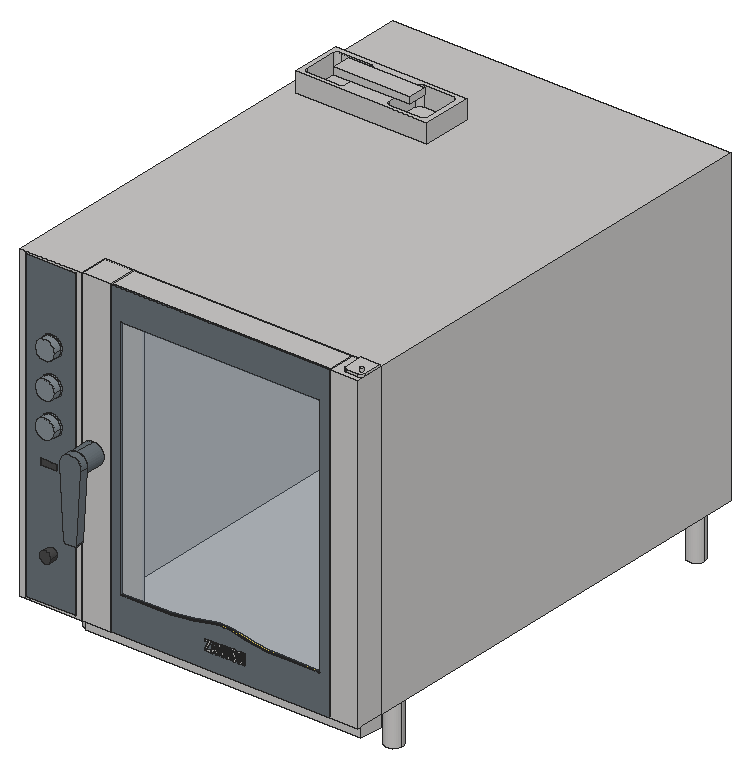
Revit family "QF_ZANUSSI_240476_ZFCG12CSAS", category Specialty Equipment, Revit 2023
Family settings
  Round Connector Dimension = Use Diameter
  Part Type = Normal
  Work Plane-Based = No
  Enable Cutting in Views = No
  Always vertical = Yes
  Cut with Voids When Loaded = No
  Maintain Annotation Orientation = No
  Shared = No
  Room Calculation Point = No
Parameters (values of type "Standard")
  Weight = 154.00 kg
  Watts = 0 W
  Volts = 220 V
  URL Manufacturer = "http://www.zanussiprofessional.com"
  URL = "http://www.zanussiprofessional.com"
  Steam Supply Size = 0 mm
  Steam Supply Minimum Pressure = 0.0 Pa
  Steam Supply Maximum Pressure = 0.0 Pa
  Steam Consumption per Hour = 0
  Show Logo [instance] = yes
  Show Clearance [instance] = yes
  Refrigeration Suction Line Size = 0 mm
  Refrigeration Liquid Line Size = 0 mm
  Refrigerant Compressor Remote = yes
  Default Elevation = 0 mm
  Manufacturer = "Zanussi"
  Phase = 1
  Model = "ZFCG12CSAS"
  Length Actual = 890 mm
  Item Number = "240476"
  Hot Water Size = 0 mm
  Height Actual = 970 mm
  HP = "0.7 HP"
  Gas Size = 12.7 mm
  Gas KW = 25
  Gas Input Pressure = 1.85 W
  Direct Waste Size = 25 mm
  Description = "CONVECTION OVEN CW 10 GN 2/1 - GAS"
  Depth Actual = 1215 mm
  Cycle = 50 Hz
  Condensate Return Size = 0 mm
  Compressed Air Volume = 0.0 L/s
  Compressed Air Size = 0 mm
  Compressed Air Pressure = 0.0 Pa
  Cold Water Size = 19.05 mm
  Accessory = no
Reference planes
  plane 1 "Center X": y = -61.149
  plane 2: z = 0
  plane 3 "Center Y": x = -330
  plane 4 "LEFT": x = -775
  plane 5 "BACK": y = 551.351
  plane 6 "RIGHT": x = 115
  plane 7 "FRONT": y = -673.649
  plane 8 "FeetLeft": x = -725
  plane 9: y = 501.351
  plane 10 "DoorDepth": y = -598.649
  plane 11 "FeetRight": x = 65
  plane 12 "BASE": z = 130
  plane 13 "TOP": z = 950
  plane 14: z = 0
  plane 15 "FeetFront": y = -493.649
  plane 16: z = 1001
  plane 17: y = -433.649
  plane 18 "Drain_X": x = -349
  plane 19 "Drain_Y": y = 181.351
  plane 20 "EI_x": x = -675
  plane 21 "EI_y": y = -418.649
  plane 22 "GAS_y": y = -148.649
  plane 23 "Gas_x": x = -690
  plane 24 "CWI_x": x = -690
  plane 25: y = -1354.649
  plane 26 "CWI_y": y = -53.649
  plane 27: y = 255.351
Forms (mm)
  Extrusion 1, solid, material "QF_Finishes_Stainless Steel"
    sketch origin (0, 73.5, 130) x (-1, 0, 0) y (0, -1, 0)
      loop
        circle (690, 127.149) r 13.2
    from -5 to 0
  Extrusion 2, solid, material "QF_Finishes_Stainless Steel"
    sketch origin (0, 57.5, 130) x (-1, 0, 0) y (0, -1, 0)
      loop
        circle (675, 476.149) r 13.25
    from -5 to 0
  Extrusion 3, solid, material "QF_Finishes_Stainless Steel"
    sketch origin (89, -125, 130) x (-1, 0, 0) y (0, -1, 0)
      loop
        circle (438, -306.351) r 13.25
    from -5 to 0
  Extrusion 4, solid, material "QF_Finishes_Black"
    sketch origin (0, -673.649, 77) x (-1, 0, 0) y (0, 0, 1)
      loop
        circle (691.941, 183.023) r 15
    from 0 to -20
  Extrusion 5, solid, material "QF_Finishes_Stainless Steel"
    sketch origin (15, -153.5, 130) x (-1, 0, 0) y (0, -1, 0)
      loop
        circle (705, -4.851) r 13.25
    from -5 to 0
  Extrusion 6, solid, material "QF_Finishes_Zanussi_Soft Gray"
    sketch origin (0, -673.649, -96) x (-1, 0, 0) y (0, 0, 1)
      loop
        circle (691, 845.824) r 26.676
    from 0 to -3
  Blend 7, solid, material "QF_Finishes_Zanussi_Soft Gray"
    base sketch origin (0, -673.649, -96) x (-1, 0, 0) y (0, 0, 1)
      loop
        circle (691, 845.824) r 25
    top sketch origin (0, -673.649, -96) x (-1, 0, 0) y (0, 0, 1)
      loop
        circle (691, 845.824) r 24.8
    from -3 to -23
  Extrusion 8, solid, material "QF_Finishes_Zanussi_Soft Gray"
    sketch origin (0, -673.649, -105) x (-1, 0, 0) y (0, 0, 1)
      loop
        circle (691, 760.824) r 26.676
    from 0 to -3
  Blend 9, solid, material "QF_Finishes_Zanussi_Soft Gray"
    base sketch origin (0, -673.649, -105) x (-1, 0, 0) y (0, 0, 1)
      loop
        circle (691, 760.824) r 25
    top sketch origin (0, -673.649, -105) x (-1, 0, 0) y (0, 0, 1)
      loop
        circle (691, 760.824) r 24.8
    from -3 to -23
  Extrusion 10, solid, material "QF_Finishes_Zanussi_Soft Gray"
    sketch origin (0, -673.649, 183) x (-1, 0, 0) y (0, 0, 1)
      loop
        circle (691, 380.824) r 26.676
    from 0 to -3
  Blend 11, solid, material "QF_Finishes_Zanussi_Soft Gray"
    base sketch origin (0, -673.649, 183) x (-1, 0, 0) y (0, 0, 1)
      loop
        circle (691, 380.824) r 25
    top sketch origin (0, -673.649, 183) x (-1, 0, 0) y (0, 0, 1)
      loop
        circle (691, 380.824) r 24.8
    from -3 to -23
  Extrusion 12, solid, material "QF_Finishes_Stainless Steel"
    sketch origin (0, 0, 130) x (-1, 0, 0) y (0, -1, 0)
      loop
        line (775, -551.351) -> (775, 673.649) -> (612, 673.649) -> (612, 598.649) -> (-115, 598.649) -> (-115, -551.351) -> (775, -551.351)
    from 820 to 0
  Extrusion 13, solid, material "QF_Finishes_Zanussi_Dark Gray"
    sketch origin (0, -673.649, 0) x (-1, 0, 0) y (0, 0, 1)
      loop
        line (760, 945) -> (627, 945) -> (627, 135) -> (760, 135) -> (760, 945)
      loop
        line (677.941, 475.023) -> (677.941, 460.023) -> (720.941, 460.023) -> (720.941, 475.023) -> (677.941, 475.023)
    from 0 to 5
  Extrusion 14, void
    sketch origin (0, -673.649, 0) x (-1, 0, 0) y (0, 0, 1)
      loop
        line (760, 945) -> (627, 945) -> (627, 135) -> (760, 135) -> (760, 945)
    from 0 to 5
  Extrusion 15, void
    sketch origin (0, -673.649, 0) x (-1, 0, 0) y (0, 0, 1)
      loop
        line (-87.826, 145) -> (609, 145) -> (609, 930) -> (-87.826, 930) -> (-87.826, 145)
    from 1200 to 75
  Extrusion 16, solid, material "QF_Finishes_Black"
    sketch origin (-5, -673.649, 195) x (-1, 0, 0) y (0, 0, 1)
      loop
        line (715.941, 280.023) -> (672.941, 280.023) -> (672.941, 265.023) -> (715.941, 265.023) -> (715.941, 280.023)
    from 5 to 0
  Extrusion 17, solid, material "QF_Clearances", detail levels coarse
    sketch origin (0, 0, 0) x (1, 0, 0) y (0, 1, 0)
      loop
        line (-825, -673.649) -> (-775, -673.649) -> (-775, 551.351) -> (115, 551.351) -> (115, -673.649) -> (165, -673.649) -> (165, 601.351) -> (-825, 601.351) -> (-825, -673.649)
    from 950 to 0
  Extrusion 18, solid, material "QF_Finishes_Stainless Steel"
    sketch origin (0, 0, 950) x (-1, 0, 0) y (0, -1, 0)
      loop
        line (395, -190.351) -> (395, -320.351) -> (740, -320.351) -> (740, -190.351) -> (395, -190.351)
      loop
        arc (716, -308.351) -> (724.485, -304.836) -> (728, -296.351) r 12
        line (728, -296.351) -> (728, -210.351)
        arc (728, -210.351) -> (724.485, -201.866) -> (716, -198.351) r 12
        line (716, -198.351) -> (636, -198.351)
        arc (636, -198.351) -> (627.515, -201.866) -> (624, -210.351) r 12
        line (624, -210.351) -> (624, -296.351)
        arc (624, -296.351) -> (627.515, -304.836) -> (636, -308.351) r 12
        line (636, -308.351) -> (716, -308.351)
      loop
        line (419, -308.351) -> (499, -308.351)
        arc (499, -308.351) -> (507.485, -304.836) -> (511, -296.351) r 12
        line (511, -296.351) -> (511, -210.351)
        arc (511, -210.351) -> (507.485, -201.866) -> (499, -198.351) r 12
        line (499, -198.351) -> (419, -198.351)
        arc (419, -198.351) -> (410.515, -201.866) -> (407, -210.351) r 12
        line (407, -210.351) -> (407, -296.351)
        arc (407, -296.351) -> (410.515, -304.836) -> (419, -308.351) r 12
    from 0 to 51
  Extrusion 19, solid, material "QF_Finishes_Stainless Steel"
    sketch origin (0, 0, 950) x (-1, 0, 0) y (0, -1, 0)
      loop
        line (671, -228.351) -> (471, -228.351) -> (471, -278.351) -> (671, -278.351) -> (671, -228.351)
    from 68 to 51
Cuts and joins
  Extrusion 14, Extrusion 15 cuts Extrusion 12
Lines and regions (mm)
  symbolic lines
    curve 1: line (-775, -673.649, 1620) -> (-775, 551.351, 1620)
    curve 2: line (-775, 551.351, 1620) -> (115, 551.351, 1620)
    curve 3: line (-612, -598.649, 1620) -> (115, -598.649, 1620)
    curve 4: line (-612, -598.649, 1620) -> (-612, -673.649, 1620)
    curve 5: line (-775, -673.649, 1620) -> (-612, -673.649, 1620)
    curve 6: line (-719.676, -676.649, 1620) -> (-665.324, -676.649, 1620)
    curve 7: line (-719.676, -676.649, 1620) -> (-719.676, -673.649, 1620)
    curve 8: line (-665.324, -676.649, 1620) -> (-665.324, -673.649, 1620)
    curve 9: line (115, 551.351, 1620) -> (115, -673.649, 1620)
    curve 10: line (-717.863, -696.649, 684) -> (-667.2, -696.649, 684)
    curve 11: line (-717.863, -696.649, 684) -> (-718, -676.649, 684)
    curve 12: line (-667.2, -696.649, 684) -> (-667, -676.649, 684)
    curve 18: line (-740, 320.351, 0) -> (-395, 320.351, 0)
    curve 19: line (-740, 190.351, 0) -> (-740, 320.351, 0)
    curve 20: line (-395, 190.351, 0) -> (-740, 190.351, 0)
    curve 21: line (-395, 320.351, 0) -> (-395, 190.351, 0)
    curve 22: line (-671, 278.351, 0) -> (-471, 278.351, 0)
    curve 23: line (-671, 228.351, 0) -> (-671, 278.351, 0)
    curve 24: line (-471, 228.351, 0) -> (-671, 228.351, 0)
    curve 25: line (-471, 278.351, 0) -> (-471, 228.351, 0)
    curve 26: arc (-728, 296.351, 0) -> (-724.485, 304.836, 0) -> (-716, 308.351, 0) r 12
    curve 27: line (-716, 308.351, 0) -> (-636, 308.351, 0)
    curve 28: arc (-636, 308.351, 0) -> (-627.515, 304.836, 0) -> (-624, 296.351, 0) r 12
    curve 29: line (-624, 296.351, 0) -> (-624, 278.351, 0)
    curve 30: line (-728, 210.351, 0) -> (-728, 296.351, 0)
    curve 31: arc (-716, 198.351, 0) -> (-724.485, 201.866, 0) -> (-728, 210.351, 0) r 12
    curve 32: line (-636, 198.351, 0) -> (-716, 198.351, 0)
    curve 33: arc (-624, 210.351, 0) -> (-627.515, 201.866, 0) -> (-636, 198.351, 0) r 12
    curve 34: arc (-499, 198.351, 0) -> (-507.485, 201.866, 0) -> (-511, 210.351, 0) r 12
    curve 35: line (-511, 210.351, 0) -> (-511, 228.351, 0)
    curve 36: line (-499, 308.351, 0) -> (-419, 308.351, 0)
    curve 37: arc (-511, 296.351, 0) -> (-507.485, 304.836, 0) -> (-499, 308.351, 0) r 12
    curve 38: arc (-419, 308.351, 0) -> (-410.515, 304.836, 0) -> (-407, 296.351, 0) r 12
    curve 39: line (-407, 296.351, 0) -> (-407, 210.351, 0)
    curve 40: arc (-407, 210.351, 0) -> (-410.515, 201.866, 0) -> (-419, 198.351, 0) r 12
    curve 41: line (-419, 198.351, 0) -> (-499, 198.351, 0)
    curve 42: line (-624, 228.351, 0) -> (-624, 210.351, 0)
    curve 43: line (-511, 278.351, 0) -> (-511, 296.351, 0)
  symbolic lines, style "QF_Clearances", detail levels coarse
    curve 13: line (-825, -673.649, 0) -> (-825, 601.351, 0)
    curve 14: line (-825, 601.351, 0) -> (165, 601.351, 0)
    curve 15: line (165, 601.351, 0) -> (165, -673.649, 0)
    curve 16: line (165, -673.649, 0) -> (115, -673.649, 0)
    curve 17: line (-825, -673.649, 0) -> (-768.438, -673.649, 0)
Dimensions and locks
  equal spacing: plane 4 "LEFT", plane 3 "Center Y", plane 6 "RIGHT"
  equal spacing: plane 5 "BACK", plane 1 "Center X", plane 7 "FRONT"
  plane 12 "BASE" to plane 14 = 130 mm
  plane 13 "TOP" to plane 12 "BASE" = 820 mm
  plane 13 "TOP" to plane 14 = 950 mm
  plane 5 "BACK" to plane 9 = 50 mm
  plane 9 to plane 15 "FeetFront" = 995 mm
  locked: plane 15 "FeetFront" to plane 7 "FRONT" at 180
  plane 16 to plane 13 "TOP" to plane 12 "BASE" to level = 51 mm, 820 mm, 130 mm
  plane 16 to level = 1001 mm  (x2)
  plane 17 to plane 7 "FRONT" = 240 mm
  plane 5 "BACK" to plane 19 "Drain_Y" = 370 mm
  plane 4 "LEFT" to plane 18 "Drain_X" = 426 mm
  plane 4 "LEFT" to plane 20 "EI_x" = 100 mm
  plane 5 "BACK" to plane 21 "EI_y" = 970 mm
  plane 5 "BACK" to plane 22 "GAS_y" = 700 mm
  plane 4 "LEFT" to plane 23 "Gas_x" = 85 mm
  plane 4 "LEFT" to plane 24 "CWI_x" = 85 mm
  plane 5 "BACK" to plane 25 = 1906 mm
  plane 5 "BACK" to plane 26 "CWI_y" = 605 mm
  locked: plane 10 "DoorDepth" to plane 7 "FRONT" at 75
  plane 8 "FeetLeft" to plane 4 "LEFT" = 50 mm
  plane 6 "RIGHT" to plane 11 "FeetRight" = 50 mm
  plane 11 "FeetRight" to plane 8 "FeetLeft" = 790 mm
  plane 5 "BACK" to plane 7 "FRONT" = 1225 mm
  plane 4 "LEFT" to plane 6 "RIGHT" = 890 mm
  plane 5 "BACK" to plane 27 = 296 mm
  aligned and locked: level to plane 2
  aligned and locked: plane 12 "BASE" to nested 1
  aligned and locked: plane 12 "BASE" to nested 2
  aligned and locked: plane 12 "BASE" to nested 4
  aligned and locked: plane 12 "BASE" to nested 3
  aligned and locked: nested 5 to plane 10 "DoorDepth"
  aligned and locked: nested 5 to plane 12 "BASE"
  aligned and locked: plane 6 "RIGHT" to nested 5
  aligned and locked: plane 8 "FeetLeft" to nested 4
  aligned and locked: plane 11 "FeetRight" to nested 2
  aligned and locked: plane 11 "FeetRight" to nested 3
  aligned and locked: nested 4 to plane 9
  aligned and locked: nested 3 to plane 9
  aligned and locked: plane 15 "FeetFront" to nested 1
  aligned and locked: plane 15 "FeetFront" to nested 2
Automatic sketch dimensions
  Extrusion 2 sketch curve to plane 20 "EI_x" = 0 mm
  Extrusion 2 sketch curve to plane 21 "EI_y" = 0 mm
  Extrusion 3 sketch curve to plane 18 "Drain_X" = 0 mm
  Extrusion 3 sketch curve to plane 19 "Drain_Y" = 0 mm
  Extrusion 4 sketch curve to plane 23 "Gas_x" = 1.941 mm
  plane 12 "BASE" to Extrusion 4 sketch curve = 130.023 mm
  Extrusion 5 sketch curve to plane 22 "GAS_y" = 0 mm
  Extrusion 5 sketch curve to plane 23 "Gas_x" = 0 mm
  Extrusion 6 sketch curve to plane 23 "Gas_x" = 1 mm
  Extrusion 6 sketch curve to plane 13 "TOP" = 200.176 mm
  Blend 7 sketch curve to plane 23 "Gas_x" = 1 mm  (x2)
  Blend 7 sketch curve to plane 13 "TOP" = 200.176 mm  (x2)
  Extrusion 8 sketch curve to plane 23 "Gas_x" = 1 mm
  Extrusion 8 sketch curve to plane 13 "TOP" = 294.176 mm
  Blend 9 sketch curve to plane 23 "Gas_x" = 1 mm  (x2)
  Blend 9 sketch curve to plane 13 "TOP" = 294.176 mm  (x2)
  Extrusion 10 sketch curve to plane 23 "Gas_x" = 1 mm
  plane 12 "BASE" to Extrusion 10 sketch curve = 433.824 mm
  Blend 11 sketch curve to plane 23 "Gas_x" = 1 mm  (x2)
  plane 12 "BASE" to Blend 11 sketch curve = 433.824 mm  (x2)
  Extrusion 12 sketch curve to plane 5 "BACK" = 0 mm
  Extrusion 12 sketch curve to plane 6 "RIGHT" = 0 mm
  Extrusion 12 sketch curve to plane 10 "DoorDepth" = 0 mm
  Extrusion 12 sketch curve to plane 7 "FRONT" = 0 mm
  Extrusion 12 sketch curve to plane 4 "LEFT" = 0 mm
  plane 20 "EI_x" to Extrusion 12 sketch curve = 63 mm
  Extrusion 14 sketch curve to plane 13 "TOP" = 5 mm
  plane 20 "EI_x" to Extrusion 14 sketch curve = 48 mm
  Extrusion 14 sketch curve to plane 8 "FeetLeft" = 35 mm
  plane 12 "BASE" to Extrusion 14 sketch curve = 5 mm
  Extrusion 15 sketch curve to plane 13 "TOP" = 20 mm
  plane 11 "FeetRight" to Extrusion 15 sketch curve = 22.826 mm
  plane 20 "EI_x" to Extrusion 15 sketch curve = 66 mm
  plane 12 "BASE" to Extrusion 15 sketch curve = 15 mm
  Extrusion 13 sketch curve to plane 13 "TOP" = 5 mm
  plane 20 "EI_x" to Extrusion 13 sketch curve = 48 mm
  Extrusion 13 sketch curve to plane 20 "EI_x" = 2.941 mm
  plane 8 "FeetLeft" to Extrusion 13 sketch curve = 4.059 mm
  plane 4 "LEFT" to Extrusion 13 sketch curve = 15 mm
  plane 12 "BASE" to Extrusion 13 sketch curve = 345.023 mm
  Extrusion 13 sketch curve to Extrusion 13 sketch curve = 15 mm
  plane 12 "BASE" to Extrusion 13 sketch curve = 5 mm
  Extrusion 16 sketch curve to plane 20 "EI_x" = 2.941 mm
  plane 8 "FeetLeft" to Extrusion 16 sketch curve = 4.059 mm
  plane 12 "BASE" to Extrusion 16 sketch curve = 330.023 mm
  Extrusion 16 sketch curve to Extrusion 16 sketch curve = 15 mm
  curve 3 to plane 10 "DoorDepth" = 0 mm
  curve 5 to plane 7 "FRONT" = 0 mm
  curve 2 to plane 4 "LEFT" = 0 mm
  curve 1 to plane 5 "BACK" = 0 mm
  plane 20 "EI_x" to curve 3 = 63 mm
  curve 8 to plane 7 "FRONT" = 3 mm
  plane 20 "EI_x" to curve 8 = 9.676 mm
  plane 8 "FeetLeft" to curve 6 = 5.324 mm
  curve 9 to plane 6 "RIGHT" = 0 mm
  curve 9 to plane 7 "FRONT" = 0 mm
  Extrusion 17 sketch curve to plane 7 "FRONT" = 0 mm  (x2)
  Extrusion 17 sketch curve to plane 4 "LEFT" = 0 mm
  Extrusion 17 sketch curve to plane 5 "BACK" = 0 mm
  Extrusion 17 sketch curve to plane 6 "RIGHT" = 0 mm
  Extrusion 17 sketch curve to Extrusion 17 sketch curve = 50 mm
  plane 6 "RIGHT" to Extrusion 17 sketch curve = 50 mm
  plane 5 "BACK" to Extrusion 17 sketch curve = 50 mm
  Extrusion 1 sketch curve to plane 24 "CWI_x" = 0 mm
  Extrusion 1 sketch curve to plane 26 "CWI_y" = 0 mm
  plane 20 "EI_x" to curve 12 = 7.8 mm
  curve 12 to plane 7 "FRONT" = 23 mm
  curve 12 to plane 7 "FRONT" = 3 mm
  plane 20 "EI_x" to curve 12 = 8 mm
  plane 8 "FeetLeft" to curve 11 = 7.137 mm
  curve 11 to plane 7 "FRONT" = 3 mm
  plane 8 "FeetLeft" to curve 11 = 7 mm
  Extrusion 18 sketch curve to plane 8 "FeetLeft" = 15 mm
  Extrusion 18 sketch curve to plane 8 "FeetLeft" = 3 mm
  plane 8 "FeetLeft" to Extrusion 18 sketch curve = 9 mm  (x2)
  plane 19 "Drain_Y" to Extrusion 18 sketch curve = 17 mm
  plane 20 "EI_x" to Extrusion 18 sketch curve = 39 mm  (x2)
  Extrusion 18 sketch curve to Extrusion 18 sketch curve = 113 mm
  Extrusion 18 sketch curve to Extrusion 18 sketch curve = 12 mm  (x4)
  Extrusion 18 sketch curve to plane 18 "Drain_X" = 70 mm
  plane 19 "Drain_Y" to Extrusion 18 sketch curve = 9 mm
  plane 19 "Drain_Y" to Extrusion 18 sketch curve = 29 mm
  plane 19 "Drain_Y" to Extrusion 19 sketch curve = 47 mm
  Extrusion 19 sketch curve to plane 18 "Drain_X" = 122 mm
  plane 20 "EI_x" to Extrusion 19 sketch curve = 4 mm
  Extrusion 18 sketch curve to Extrusion 18 sketch curve = 80 mm  (x2)
  Extrusion 18 sketch curve to Extrusion 18 sketch curve = 86 mm  (x2)
  Extrusion 18 sketch curve to Extrusion 18 sketch curve = 24 mm
  Extrusion 19 sketch curve to Extrusion 19 sketch curve = 50 mm
  curve 13 to plane 7 "FRONT" = 0 mm
  curve 16 to plane 6 "RIGHT" = 0 mm
  curve 15 to plane 7 "FRONT" = 0 mm
  plane 19 "Drain_Y" to curve 20 = 9 mm
  curve 20 to plane 18 "Drain_X" = 46 mm
  curve 24 to plane 27 = 27 mm
  curve 24 to curve 20 = 76 mm
  plane 20 "EI_x" to curve 24 = 4 mm
  curve 20 to plane 8 "FeetLeft" = 15 mm
  curve 17 to plane 4 "LEFT" = 50 mm
  plane 6 "RIGHT" to curve 15 = 50 mm
  plane 27 to curve 22 = 23 mm
  plane 27 to curve 21 = 65 mm
  plane 5 "BACK" to curve 13 = 50 mm
  plane 4 "LEFT" to curve 17 = 6.562 mm
  plane 8 "FeetLeft" to curve 27 = 9 mm
  curve 26 to curve 18 = 24 mm
  curve 26 to curve 27 = 12 mm
  plane 20 "EI_x" to curve 27 = 39 mm
  curve 28 to curve 28 = 12 mm
  curve 19 to curve 30 = 20 mm
  plane 8 "FeetLeft" to curve 31 = 9 mm
  curve 32 to curve 42 = 12 mm
  curve 35 to curve 24 = 40 mm
  curve 34 to curve 34 = 12 mm
  plane 27 to curve 43 = 41 mm
  curve 37 to curve 37 = 12 mm
  curve 36 to curve 18 = 24 mm
  curve 38 to curve 36 = 12 mm
  curve 20 to curve 39 = 20 mm
  curve 40 to curve 39 = 12 mm
  plane 20 "EI_x" to curve 33 = 39 mm
  curve 43 to curve 22 = 40 mm
  radius of Extrusion 2 sketch curve = 13.25 mm
  radius of Extrusion 3 sketch curve = 13.25 mm
  radius of Extrusion 4 sketch curve = 15 mm
  radius of Extrusion 5 sketch curve = 13.25 mm
  radius of Extrusion 6 sketch curve = 26.676 mm
  radius of Blend 7 sketch curve = 25 mm
  radius of Blend 7 sketch curve = 24.8 mm
  radius of Extrusion 8 sketch curve = 26.676 mm
  radius of Blend 9 sketch curve = 25 mm
  radius of Blend 9 sketch curve = 24.8 mm
  radius of Extrusion 10 sketch curve = 26.676 mm
  radius of Blend 11 sketch curve = 25 mm
  radius of Blend 11 sketch curve = 24.8 mm
  radius of Extrusion 1 sketch curve = 13.2 mm
Nested families
  nested 1: "Foot" at (-725, -493.649, 0), type "Foot"
    with Ø 22 mm, H 130 mm
  nested 2: "Foot" at (65, -493.649, 0), type "Foot"
    with Ø 22 mm, H 130 mm
  nested 3: "Foot" at (65, 501.351, 0), type "Foot"
    with Ø 22 mm, H 130 mm
  nested 4: "Foot" at (-725, 501.351, 0), type "Foot"
    with Ø 22 mm, H 130 mm
  nested 5: "ZAN_DOOR_CROSSWISE_H820" at (115, -601.649, 0), type "ZAN_DOOR_CROSSWISE_H820"
    with Show Clearance yes
Connectors
  piping at (-349, 181.351, 125), diameter 25, driven by "Direct Waste Size"
    settings: on Extrusion 3, index 6, connector inside diameter 609.6 mm, connector length 0 mm, flow factor 0, pipe flow 0.0 L/s, pressure drop 0.0 Pa, fitting loss kfactor 0, connector angle 0.00°, fixture units 0, engagement length 0 mm, angle of deflection 0.00°, flow configuration 0, flow direction 2, fitting loss method 0, system type 16, joint type 0, gender type 0, connector reference index -1, connector utility 0, adjustable connector no, is connector primary yes, connector description "Drain"
  electrical at (-675, -418.649, 125)
    settings: on Extrusion 2, index 7, voltage 0 V, apparent load 0 VA, apparent load phase1 0 VA, apparent load phase2 0 VA, apparent load phase3 0 VA, power factor 1, load classification "Altro", number of poles 1, system type 30, power factor state 1, is connector primary yes, connector utility no, sub classification motor no, connector description "Electrical Connection"
  piping at (-690, -53.649, 125), diameter 19.05, driven by "Cold Water Size"
    settings: on Extrusion 1, index 8, connector inside diameter 609.6 mm, connector length 0 mm, flow factor 0, pipe flow 0.0 L/s, pressure drop 0.0 Pa, fitting loss kfactor 0, connector angle 0.00°, fixture units 0, engagement length 0 mm, angle of deflection 0.00°, flow configuration 0, flow direction 1, fitting loss method 0, system type 20, joint type 0, gender type 0, connector reference index -1, connector utility 0, adjustable connector no, is connector primary no, connector description "Cold Water Inlet"
  piping at (-690, -148.649, 125), diameter 26.4
    settings: on Extrusion 5, index 9, connector inside diameter 609.6 mm, connector length 0 mm, flow factor 0, pipe flow 0.0 L/s, pressure drop 0.0 Pa, fitting loss kfactor 0, connector angle 0.00°, fixture units 0, engagement length 0 mm, angle of deflection 0.00°, flow configuration 0, flow direction 1, fitting loss method 0, system type 7, joint type 0, gender type 0, connector reference index -1, connector utility 0, adjustable connector no, is connector primary no, connector description "Gas Connection"
Definition of nested family "Foot"
  Parameters
    Ø [instance] = 20 mm
    Default Elevation = 0 mm
    H [instance] = 50 mm
  Reference planes
    plane 1 "Centro (Fronte/Retro)": y = 0
    plane 2: z = 0
    plane 3 "Centro (Sinistra/Destra)": x = 0
    plane 4: z = 50
  Forms (mm)
    Revolve 1, solid
      sketch origin (255.05, 0, 608.09) x (0, 0, 1) y (-1, 0, 0)
        loop
          line (-608.09, 255.05) -> (-608.09, 235.05) -> (-558.09, 235.05) -> (-558.09, 255.05) -> (-608.09, 255.05)
        axis (-608.09, 255.05) -> (-558.09, 255.05)
      angle from 0 to 360
  Dimensions and locks
    "H": plane 4 to plane 2
    "Ø": Revolve 1 sketch curve to Revolve 1 sketch curve
    aligned and locked: level to plane 2
    aligned and locked: plane 4 to Revolve 1 sketch curve
    aligned and locked: Revolve 1 sketch curve to level
    aligned and locked: plane 3 "Centro (Sinistra/Destra)" to Revolve 1 sketch curve
  Automatic sketch dimensions
    Revolve 1 sketch curve to plane 3 "Centro (Sinistra/Destra)" = 0 mm
    Revolve 1 sketch curve to Revolve 1 sketch curve = 50 mm
    Revolve 1 sketch curve to Revolve 1 sketch curve = 20 mm
Definition of nested family "ZAN_DOOR_CROSSWISE_H820"
  Parameters (values of type "ZAN_DOOR_CROSSWISE_H820")
    sp_Lama = 5 mm
    Z_Maniglia = 405 mm
    W_Door = 725 mm
    Show Clearance [instance] = yes
    Default Elevation = 0 mm
    H_Feet = 130 mm
    H_FasciaTop = 75 mm
    H_Door = 820 mm
    W_fasce = 75 mm
    Direct Waste Size = 25 mm
  Reference planes
    plane 1 "Center (Front/Back)": y = 3
    plane 2: z = 0
    plane 3 "Center (Left/Right)": x = 0
    plane 4 "Top": z = 950
    plane 5 "Feet": z = 130
    plane 6 "Front": y = -72
    plane 7: z = 945
    plane 8: z = 870
    plane 9: x = -625
    plane 10: x = -75
    plane 11: x = -725
    plane 12: x = -650
    plane 13: x = -100
    plane 14: x = -649
    plane 15: x = -76
    plane 16: z = 154
    plane 17: z = 535
    plane 18: x = -697
  Forms (mm)
    Extrusion 1, solid
      sketch origin (0, -72, 0) x (0, 0, -1) y (-1, 0, 0)
        loop
          line (-950, 725) -> (-950, 650) -> (-130, 650) -> (-130, 725) -> (-950, 725)
        loop
          line (-950, 0) -> (-130, 0) -> (-130, 75) -> (-950, 75) -> (-950, 0)
      from 0 to 75
    Extrusion 2, solid
      sketch origin (0, -72, 0) x (0, 0, -1) y (-1, 0, 0)
        loop
          line (-226.277, 625) -> (-870, 625) -> (-870, 100) -> (-226.277, 100) -> (-226.277, 179.596) -> (-226.464, 194.035) -> (-226.816, 214.136)
          arc (-226.816, 214.136) -> (-227.121, 224.207) -> (-227.693, 234.266) r 381.251
          arc (-227.693, 234.266) -> (-229.438, 254.344) -> (-232.142, 274.315) r 421.149
          arc (-232.142, 274.315) -> (-235.022, 290.185) -> (-238.297, 305.979) r 647.683
          arc (-238.297, 305.979) -> (-241.149, 319.693) -> (-243.677, 333.471) r 593.178
          arc (-243.677, 333.471) -> (-244.098, 337.378) -> (-244.435, 341.294) r 181.693
          arc (-244.435, 341.294) -> (-244.748, 347.295) -> (-244.843, 353.303) r 166.118
          arc (-244.843, 353.303) -> (-244.747, 359.31) -> (-244.433, 365.309) r 166.118
          arc (-244.433, 365.309) -> (-244.097, 369.204) -> (-243.677, 373.091) r 181.693
          arc (-243.677, 373.091) -> (-241.149, 386.869) -> (-238.297, 400.583) r 593.179
          arc (-238.297, 400.583) -> (-235.025, 416.365) -> (-232.147, 432.223) r 647.683
          arc (-232.147, 432.223) -> (-229.444, 452.168) -> (-227.698, 472.219) r 421.148
          arc (-227.698, 472.219) -> (-227.123, 482.317) -> (-226.816, 492.426) r 381.251
          line (-226.816, 492.426) -> (-226.464, 512.527) -> (-226.277, 526.966) -> (-226.277, 625)
        loop
          line (-130, 76) -> (-130, 649) -> (-950, 649) -> (-950, 76) -> (-130, 76)
      from 0 to 5
    Extrusion 3, void
      sketch origin (-100, -72, 0) x (-1, 0, 0) y (0, 0, 1)
        loop
          line (288.603, 173.973) -> (303.509, 173.973) -> (303.509, 179.706) -> (295.318, 196.905) -> (302.853, 196.741) -> (302.853, 201.982) -> (288.603, 201.982) -> (288.603, 197.232) -> (297.201, 179.706) -> (288.603, 179.706) -> (288.603, 173.973)
        loop
          line (280.375, 184.456) -> (278.737, 197.195) -> (277.1, 184.456) -> (280.375, 184.456)
        loop
          line (281.849, 173.973) -> (287.746, 173.973) -> (282.669, 201.982) -> (274.806, 201.982) -> (269.565, 173.973) -> (275.461, 173.973) -> (276.281, 179.378) -> (281.031, 179.378) -> (281.849, 173.973)
        loop
          line (268.839, 201.982) -> (262.778, 201.982) -> (258.028, 184.128) -> (258.028, 201.982) -> (252.786, 201.982) -> (252.786, 173.973) -> (259.011, 173.973) -> (263.761, 192.482) -> (263.761, 173.973) -> (268.839, 173.973) -> (268.839, 201.982)
        loop
          line (251.476, 180.9) -> (251.476, 201.982) -> (245.743, 201.982) -> (245.743, 180.689)
          arc (245.743, 180.689) -> (243.81, 179.443) -> (242.303, 181.18) r 1.755
          line (242.303, 181.18) -> (242.303, 201.982) -> (236.57, 201.982) -> (236.57, 179.87)
          arc (236.57, 179.87) -> (244.469, 173.928) -> (251.476, 180.9) r 7.548
        loop
          line (225.923, 193.137) -> (225.923, 196.183)
          arc (225.923, 196.183) -> (228.232, 197.801) -> (229.849, 195.492) r 1.993
          arc (229.849, 195.492) -> (229.394, 194.205) -> (228.544, 193.137) r 4.132
          line (228.544, 193.137) -> (222.261, 187.482)
          arc (222.261, 187.482) -> (220.244, 183.234) -> (220.358, 178.532) r 10.152
          arc (220.358, 178.532) -> (226.648, 173.979) -> (234.116, 176.106) r 8.889
          arc (234.116, 176.106) -> (235.696, 179.791) -> (235.751, 183.801) r 10.311
          line (235.751, 183.801) -> (230.033, 183.801)
          arc (230.033, 183.801) -> (230.009, 183.099) -> (230.033, 182.396) r 10.165
          arc (230.033, 182.396) -> (230.059, 181.653) -> (230.033, 180.91) r 10.759
          arc (230.033, 180.91) -> (229.7, 179.855) -> (228.922, 179.068) r 2.359
          arc (228.922, 179.068) -> (226.339, 179.656) -> (226.065, 182.291) r 2.275
          arc (226.065, 182.291) -> (227.174, 183.799) -> (228.6, 185.01) r 8.056
          line (228.6, 185.01) -> (231.016, 187.151)
          arc (231.016, 187.151) -> (233.167, 189.4) -> (234.919, 191.972) r 18.895
          arc (234.919, 191.972) -> (235.183, 196.623) -> (233.05, 200.765) r 8.857
          arc (233.05, 200.765) -> (227.818, 202.471) -> (222.586, 200.765) r 8.876
          arc (222.586, 200.765) -> (220.806, 198.522) -> (220.429, 195.684) r 5.378
          line (220.429, 195.684) -> (220.518, 193.137) -> (225.923, 193.137)
        loop
          line (209.587, 193.137) -> (209.587, 196.183)
          arc (209.587, 196.183) -> (211.896, 197.801) -> (213.513, 195.492) r 1.993
          arc (213.513, 195.492) -> (213.058, 194.205) -> (212.208, 193.137) r 4.132
          line (212.208, 193.137) -> (205.924, 187.482)
          arc (205.924, 187.482) -> (203.908, 183.234) -> (204.022, 178.532) r 10.152
          arc (204.022, 178.532) -> (210.312, 173.979) -> (217.779, 176.106) r 8.889
          arc (217.779, 176.106) -> (219.36, 179.791) -> (219.415, 183.801) r 10.311
          line (219.415, 183.801) -> (213.696, 183.801)
          arc (213.696, 183.801) -> (213.672, 183.099) -> (213.696, 182.396) r 10.165
          arc (213.696, 182.396) -> (213.722, 181.653) -> (213.696, 180.91) r 10.759
          arc (213.696, 180.91) -> (213.363, 179.855) -> (212.586, 179.068) r 2.359
          arc (212.586, 179.068) -> (210.003, 179.656) -> (209.729, 182.291) r 2.275
          arc (209.729, 182.291) -> (210.837, 183.799) -> (212.264, 185.01) r 8.056
          line (212.264, 185.01) -> (214.679, 187.151)
          arc (214.679, 187.151) -> (216.83, 189.4) -> (218.583, 191.972) r 18.895
          arc (218.583, 191.972) -> (218.847, 196.623) -> (216.714, 200.765) r 8.857
          arc (216.714, 200.765) -> (211.482, 202.471) -> (206.25, 200.765) r 8.876
          arc (206.25, 200.765) -> (204.469, 198.522) -> (204.093, 195.684) r 5.378
          line (204.093, 195.684) -> (204.182, 193.137) -> (209.587, 193.137)
        loop
          line (202.992, 201.982) -> (197.259, 201.982) -> (197.259, 173.973) -> (202.992, 173.973) -> (202.992, 201.982)
      from 0 to 2
    Extrusion 4, solid
      sketch origin (0, -72, 0) x (0, 0, -1) y (-1, 0, 0)
        loop
          line (-173.973, 388.603) -> (-173.973, 403.509) -> (-179.706, 403.509) -> (-196.905, 395.318) -> (-196.741, 402.853) -> (-201.982, 402.853) -> (-201.982, 388.603) -> (-197.232, 388.603) -> (-179.706, 397.201) -> (-179.706, 388.603) -> (-173.973, 388.603)
        loop
          line (-184.456, 380.375) -> (-197.195, 378.737) -> (-184.456, 377.1) -> (-184.456, 380.375)
        loop
          line (-173.973, 381.849) -> (-173.973, 387.746) -> (-201.982, 382.669) -> (-201.982, 374.806) -> (-173.973, 369.565) -> (-173.973, 375.461) -> (-179.378, 376.281) -> (-179.378, 381.031) -> (-173.973, 381.849)
        loop
          line (-201.982, 368.839) -> (-201.982, 362.778) -> (-184.128, 358.028) -> (-201.982, 358.028) -> (-201.982, 352.786) -> (-173.973, 352.786) -> (-173.973, 359.011) -> (-192.482, 363.761) -> (-173.973, 363.761) -> (-173.973, 368.839) -> (-201.982, 368.839)
        loop
          line (-180.9, 351.476) -> (-201.982, 351.476) -> (-201.982, 345.743) -> (-180.689, 345.743)
          arc (-180.689, 345.743) -> (-179.443, 343.81) -> (-181.18, 342.303) r 1.755
          line (-181.18, 342.303) -> (-201.982, 342.303) -> (-201.982, 336.57) -> (-179.87, 336.57)
          arc (-179.87, 336.57) -> (-173.928, 344.469) -> (-180.9, 351.476) r 7.548
        loop
          line (-193.137, 325.923) -> (-196.183, 325.923)
          arc (-196.183, 325.923) -> (-197.801, 328.232) -> (-195.492, 329.849) r 1.993
          arc (-195.492, 329.849) -> (-194.205, 329.394) -> (-193.137, 328.544) r 4.132
          line (-193.137, 328.544) -> (-187.482, 322.261)
          arc (-187.482, 322.261) -> (-183.234, 320.244) -> (-178.532, 320.358) r 10.152
          arc (-178.532, 320.358) -> (-173.979, 326.648) -> (-176.106, 334.116) r 8.889
          arc (-176.106, 334.116) -> (-179.791, 335.696) -> (-183.801, 335.751) r 10.311
          line (-183.801, 335.751) -> (-183.801, 330.033)
          arc (-183.801, 330.033) -> (-183.099, 330.009) -> (-182.396, 330.033) r 10.165
          arc (-182.396, 330.033) -> (-181.653, 330.059) -> (-180.91, 330.033) r 10.759
          arc (-180.91, 330.033) -> (-179.855, 329.7) -> (-179.068, 328.922) r 2.359
          arc (-179.068, 328.922) -> (-179.656, 326.339) -> (-182.291, 326.065) r 2.275
          arc (-182.291, 326.065) -> (-183.799, 327.174) -> (-185.01, 328.6) r 8.056
          line (-185.01, 328.6) -> (-187.151, 331.016)
          arc (-187.151, 331.016) -> (-189.4, 333.167) -> (-191.972, 334.919) r 18.895
          arc (-191.972, 334.919) -> (-196.623, 335.183) -> (-200.765, 333.05) r 8.857
          arc (-200.765, 333.05) -> (-202.471, 327.818) -> (-200.765, 322.586) r 8.876
          arc (-200.765, 322.586) -> (-198.522, 320.806) -> (-195.684, 320.429) r 5.378
          line (-195.684, 320.429) -> (-193.137, 320.518) -> (-193.137, 325.923)
        loop
          line (-193.137, 309.587) -> (-196.183, 309.587)
          arc (-196.183, 309.587) -> (-197.801, 311.896) -> (-195.492, 313.513) r 1.993
          arc (-195.492, 313.513) -> (-194.205, 313.058) -> (-193.137, 312.208) r 4.132
          line (-193.137, 312.208) -> (-187.482, 305.924)
          arc (-187.482, 305.924) -> (-183.234, 303.908) -> (-178.532, 304.022) r 10.152
          arc (-178.532, 304.022) -> (-173.979, 310.312) -> (-176.106, 317.779) r 8.889
          arc (-176.106, 317.779) -> (-179.791, 319.36) -> (-183.801, 319.415) r 10.311
          line (-183.801, 319.415) -> (-183.801, 313.696)
          arc (-183.801, 313.696) -> (-183.099, 313.672) -> (-182.396, 313.696) r 10.165
          arc (-182.396, 313.696) -> (-181.653, 313.722) -> (-180.91, 313.696) r 10.759
          arc (-180.91, 313.696) -> (-179.855, 313.363) -> (-179.068, 312.586) r 2.359
          arc (-179.068, 312.586) -> (-179.656, 310.003) -> (-182.291, 309.729) r 2.275
          arc (-182.291, 309.729) -> (-183.799, 310.837) -> (-185.01, 312.264) r 8.056
          line (-185.01, 312.264) -> (-187.151, 314.679)
          arc (-187.151, 314.679) -> (-189.4, 316.83) -> (-191.972, 318.583) r 18.895
          arc (-191.972, 318.583) -> (-196.623, 318.847) -> (-200.765, 316.714) r 8.857
          arc (-200.765, 316.714) -> (-202.471, 311.482) -> (-200.765, 306.25) r 8.876
          arc (-200.765, 306.25) -> (-198.522, 304.469) -> (-195.684, 304.093) r 5.378
          line (-195.684, 304.093) -> (-193.137, 304.182) -> (-193.137, 309.587)
        loop
          line (-201.982, 302.992) -> (-201.982, 297.259) -> (-173.973, 297.259) -> (-173.973, 302.992) -> (-201.982, 302.992)
      from 0 to 2
    Extrusion 5, solid
      sketch origin (0, -72, 0) x (0, 0, -1) y (-1, 0, 0)
        loop
          line (-945, 649) -> (-945, 625) -> (-154, 625) -> (-154, 100) -> (-945, 100) -> (-945, 76) -> (-130, 76) -> (-130, 649) -> (-945, 649)
      from 5 to 75
    Extrusion 6, solid
      sketch origin (0, -72, 0) x (0, 0, -1) y (-1, 0, 0)
        loop
          line (-945, 625) -> (-945, 100) -> (-154, 100) -> (-154, 625) -> (-945, 625)
      from 75 to 70
    Extrusion 7, solid
      sketch origin (0, -72, 0) x (0, 0, -1) y (-1, 0, 0)
        loop
          line (-945, 649) -> (-950, 649) -> (-950, 76) -> (-945, 76) -> (-945, 649)
      from 5 to 75
    Extrusion 8, solid
      sketch origin (-100, -72, -17) x (-1, 0, 0) y (0, 0, 1)
        loop
          arc (608.817, 368.345) -> (612.24, 369.7) -> (613.808, 373.032) r 5
          line (613.808, 373.032) -> (624.987, 551.163)
          arc (624.987, 551.163) -> (596.54, 579.996) -> (569.055, 550.244) r 28
          line (569.055, 550.244) -> (580.194, 373.003)
          arc (580.194, 373.003) -> (581.77, 369.69) -> (585.183, 368.345) r 5
          line (585.183, 368.345) -> (608.817, 368.345)
      from -55 to -75
    Extrusion 9, solid
      sketch origin (0, -72, 0) x (0, 0, -1) y (-1, 0, 0)
        loop
          circle (-535, 697) r 28
      from 0 to -55
    Extrusion 10, solid
      sketch origin (0, 0, 0) x (0, 1, 0) y (0, 0, 1)
        loop
          line (-62, 130) -> (-62, 105) -> (3, 100.455) -> (3, 130) -> (-62, 130)
      from -725 to 0
    Extrusion 11, solid
      sketch origin (0, 0, 950) x (0, -1, 0) y (1, 0, 0)
        loop
          circle (38.919, -17.1) r 5
      from 10 to 5
    Extrusion 12, solid
      sketch origin (0, 0, 950) x (0, -1, 0) y (1, 0, 0)
        loop
          line (-3, -52.67) -> (47, -52.67)
          arc (47, -52.67) -> (54.071, -49.741) -> (57, -42.67) r 10
          line (57, -42.67) -> (57, -12.67)
          arc (57, -12.67) -> (54.071, -5.598) -> (47, -2.67) r 10
          line (47, -2.67) -> (-3, -2.67) -> (-3, -52.67)
      from 5 to 0
    Extrusion 13, solid, detail levels coarse
      sketch origin (-100, 215.149, 0) x (1, 0, 0) y (0, 1, 0)
        loop
          line (100, -972.149) -> (100, -287.149) -> (-625.004, -287.149)
          arc (-625.004, -287.149) -> (-403.591, -778.978) -> (100, -972.149) r 708.043
      from 950 to 130
    Extrusion 14, solid
      sketch origin (0, -72, 0) x (0, 0, -1) y (-1, 0, 0)
        loop
          line (-870, 625) -> (-870, 100) -> (-226.277, 100) -> (-228.887, 193.987) -> (-229.313, 214.075)
          arc (-229.313, 214.075) -> (-229.647, 224.091) -> (-230.232, 234.096) r 398.755
          arc (-230.232, 234.096) -> (-232.012, 254.045) -> (-234.745, 273.886) r 418.492
          arc (-234.745, 273.886) -> (-237.493, 288.79) -> (-240.528, 303.64) r 786.502
          arc (-240.528, 303.64) -> (-243.753, 318.136) -> (-246.344, 332.759) r 340.705
          arc (-246.344, 332.759) -> (-247.057, 338.079) -> (-247.553, 343.424) r 132.002
          arc (-247.553, 343.424) -> (-247.817, 348.358) -> (-247.896, 353.299) r 132.002
          arc (-247.896, 353.299) -> (-247.815, 358.239) -> (-247.55, 363.173) r 132.002
          arc (-247.55, 363.173) -> (-247.055, 368.5) -> (-246.344, 373.803) r 132.002
          arc (-246.344, 373.803) -> (-243.753, 388.426) -> (-240.528, 402.923) r 340.705
          arc (-240.528, 402.923) -> (-237.495, 417.76) -> (-234.749, 432.652) r 786.502
          arc (-234.749, 432.652) -> (-232.016, 452.488) -> (-230.234, 472.433) r 418.492
          arc (-230.234, 472.433) -> (-229.647, 482.454) -> (-229.313, 492.487) r 398.755
          line (-229.313, 492.487) -> (-228.887, 512.575) -> (-226.277, 625) -> (-870, 625)
      from 0 to 5
    Extrusion 15, solid
      sketch origin (0, -72, 0) x (0, 0, -1) y (-1, 0, 0)
        loop
          line (-228.887, 512.575) -> (-229.313, 492.487)
          arc (-229.313, 492.487) -> (-229.647, 482.454) -> (-230.234, 472.433) r 398.755
          arc (-230.234, 472.433) -> (-232.016, 452.488) -> (-234.749, 432.652) r 418.492
          arc (-234.749, 432.652) -> (-237.495, 417.76) -> (-240.528, 402.923) r 786.502
          arc (-240.528, 402.923) -> (-243.753, 388.426) -> (-246.344, 373.803) r 340.705
          arc (-246.344, 373.803) -> (-247.055, 368.5) -> (-247.55, 363.173) r 132.002
          arc (-247.55, 363.173) -> (-247.815, 358.239) -> (-247.896, 353.299) r 132.002
          arc (-247.896, 353.299) -> (-247.817, 348.358) -> (-247.553, 343.424) r 132.002
          arc (-247.553, 343.424) -> (-247.057, 338.079) -> (-246.344, 332.759) r 132.002
          arc (-246.344, 332.759) -> (-243.753, 318.136) -> (-240.528, 303.64) r 340.705
          arc (-240.528, 303.64) -> (-237.493, 288.79) -> (-234.745, 273.886) r 786.502
          arc (-234.745, 273.886) -> (-232.012, 254.045) -> (-230.232, 234.096) r 418.492
          arc (-230.232, 234.096) -> (-229.647, 224.091) -> (-229.313, 214.075) r 398.755
          line (-229.313, 214.075) -> (-228.887, 193.987) -> (-226.277, 100) -> (-226.277, 179.596) -> (-226.464, 194.035) -> (-226.816, 214.136)
          arc (-226.816, 214.136) -> (-227.121, 224.207) -> (-227.693, 234.266) r 381.251
          arc (-227.693, 234.266) -> (-229.438, 254.344) -> (-232.142, 274.315) r 421.149
          arc (-232.142, 274.315) -> (-235.022, 290.185) -> (-238.297, 305.979) r 647.683
          arc (-238.297, 305.979) -> (-241.149, 319.693) -> (-243.677, 333.471) r 593.178
          arc (-243.677, 333.471) -> (-244.328, 338.674) -> (-244.808, 343.895) r 159.419
          arc (-244.808, 343.895) -> (-245.055, 348.594) -> (-245.149, 353.299) r 143.741
          arc (-245.149, 353.299) -> (-245.054, 358.003) -> (-244.805, 362.702) r 143.741
          arc (-244.805, 362.702) -> (-244.326, 367.906) -> (-243.677, 373.091) r 159.42
          arc (-243.677, 373.091) -> (-241.149, 386.869) -> (-238.297, 400.583) r 593.179
          arc (-238.297, 400.583) -> (-235.025, 416.365) -> (-232.147, 432.223) r 647.683
          arc (-232.147, 432.223) -> (-229.444, 452.168) -> (-227.698, 472.219) r 421.148
          arc (-227.698, 472.219) -> (-227.123, 482.317) -> (-226.816, 492.426) r 381.251
          line (-226.816, 492.426) -> (-226.464, 512.527) -> (-226.277, 526.966) -> (-226.277, 625) -> (-228.887, 512.575)
      from 0 to 5
  Cuts and joins
    Extrusion 3 cuts Extrusion 2
  Lines and regions (mm)
    symbolic lines
      curve 1: line (-724.987, -127, 0) -> (-661.987, -127, 0)
      curve 2: line (-724.987, -147, 0) -> (-724.987, -72.467, 0)
      curve 3: line (-661.987, -147, 0) -> (-724.987, -147, 0)
      curve 4: line (-661.987, -72.467, 0) -> (-661.987, -147, 0)
      curve 5: line (-724.996, 3, 0) -> (0, 3, 0)
      curve 6: line (-724.996, -72.467, 0) -> (-724.996, 3, 0)
      curve 7: line (0, -72.467, 0) -> (-724.996, -72.467, 0)
      curve 8: line (0, 3, 0) -> (0, -72.467, 0)
      curve 9: line (-625, -72.467, 0) -> (-625, 3, 0)
      curve 10: line (-75, -72.467, 0) -> (-75, 3, 0)
      curve 11: arc (-52.67, -47, 0) -> (-49.741, -54.071, 0) -> (-42.67, -57, 0) r 10
      curve 12: line (-42.67, -57, 0) -> (-12.67, -57, 0)
      curve 13: arc (-12.67, -57, 0) -> (-5.598, -54.071, 0) -> (-2.67, -47, 0) r 10
      curve 14: line (-2.67, -47, 0) -> (-2.67, 3, 0)
      curve 15: line (-52.67, 3, 0) -> (-52.67, -47, 0)
      curve 16: circle (-17.1, -38.919, 0) r 5 normal (0, 0, 1)
      curve 17: line (0, -745.041, 0) -> (0, -72.467, 0)
      curve 18: arc (-725.004, -72, 0) -> (-503.591, -563.829, 0) -> (0, -757, 0) r 708.043
  Dimensions and locks
    plane 1 "Center (Front/Back)" to plane 6 "Front" = 75 mm
    "H_Feet": plane 5 "Feet" to level
    "H_Door": plane 4 "Top" to plane 5 "Feet"
    "sp_Lama": plane 4 "Top" to plane 7
    "H_FasciaTop": plane 7 to plane 8
    "W_fasce": plane 11 to plane 12
    "W_fasce": plane 3 "Center (Left/Right)" to plane 10
    locked: plane 14 to plane 12 at 1
    plane 15 to plane 10 = 1 mm
    locked: plane 9 to plane 14 at 24
    locked: plane 15 to plane 13 at 24
    locked: plane 16 to plane 5 "Feet" at 24
    "Z_Maniglia": plane 17 to plane 5 "Feet"
    plane 11 to plane 18 = 28 mm
    "W_Door": plane 11 to plane 3 "Center (Left/Right)"
    aligned and locked: level to plane 2
    aligned and locked: Extrusion 7 to plane 7
    aligned and locked: plane 7 to Extrusion 6
    aligned and locked: plane 7 to Extrusion 5  (x2)
    aligned and locked: Extrusion 1 to plane 4 "Top"  (x2)
    aligned and locked: Extrusion 13 to plane 4 "Top"
    aligned and locked: Extrusion 7 to plane 4 "Top"
    aligned and locked: cut or joined group of Extrusion 2, Extrusion 3 to plane 4 "Top"
    aligned and locked: cut or joined group of Extrusion 2, Extrusion 3 to plane 8
    aligned and locked: plane 5 "Feet" to Extrusion 5
    aligned and locked: plane 5 "Feet" to Extrusion 13
    aligned and locked: plane 5 "Feet" to Extrusion 1  (x2)
    aligned and locked: plane 5 "Feet" to cut or joined group of Extrusion 2, Extrusion 3
    aligned and locked: Extrusion 5 to plane 14
    aligned and locked: plane 9 to Extrusion 5
    aligned and locked: plane 15 to Extrusion 5
    aligned and locked: Extrusion 5 to plane 13
    aligned and locked: Extrusion 1 to plane 11
    aligned and locked: plane 3 "Center (Left/Right)" to Extrusion 1
    aligned and locked: plane 12 to Extrusion 1
    aligned and locked: Extrusion 1 to plane 10
    aligned and locked: plane 16 to Extrusion 5
    aligned and locked: Extrusion 6 to plane 16
    aligned and locked: plane 3 "Center (Left/Right)" to Extrusion 10
    aligned and locked: plane 9 to cut or joined group of Extrusion 2, Extrusion 3
    aligned and locked: cut or joined group of Extrusion 2, Extrusion 3 to plane 13
    aligned and locked: plane 11 to Extrusion 10
    aligned and locked: Extrusion 14 sketch curve to plane 8
    aligned and locked: Extrusion 14 sketch curve to plane 9
    aligned and locked: Extrusion 14 sketch curve to plane 13
  Automatic sketch dimensions
    Extrusion 9 sketch curve to plane 17 = 0 mm
    Extrusion 9 sketch curve to plane 18 = 0 mm
    Extrusion 1 sketch curve to plane 4 "Top" = 0 mm  (x2)
    Extrusion 1 sketch curve to plane 3 "Center (Left/Right)" = 0 mm
    Extrusion 1 sketch curve to plane 5 "Feet" = 0 mm  (x2)
    plane 10 to Extrusion 1 sketch curve = 0 mm
    plane 12 to Extrusion 1 sketch curve = 0 mm
    plane 11 to Extrusion 1 sketch curve = 0 mm
    plane 16 to Extrusion 3 sketch curve = 47.982 mm  (x3)
    plane 13 to Extrusion 3 sketch curve = 197.259 mm
    Extrusion 3 sketch curve to Extrusion 3 sketch curve = 4.888 mm
    Extrusion 3 sketch curve to Extrusion 3 sketch curve = 5.704 mm
    Extrusion 3 sketch curve to Extrusion 3 sketch curve = 0.845 mm
    plane 16 to Extrusion 3 sketch curve = 41.684 mm  (x2)
    Extrusion 3 sketch curve to Extrusion 3 sketch curve = 1.947 mm  (x2)
    plane 16 to Extrusion 3 sketch curve = 39.137 mm  (x4)
    Extrusion 3 sketch curve to Extrusion 3 sketch curve = 0.089 mm  (x2)
    plane 16 to Extrusion 3 sketch curve = 33.482 mm  (x2)
    Extrusion 3 sketch curve to Extrusion 3 sketch curve = 1.743 mm
    Extrusion 3 sketch curve to Extrusion 3 sketch curve = 6.311 mm
    Extrusion 3 sketch curve to Extrusion 3 sketch curve = 5.327 mm  (x2)
    Extrusion 3 sketch curve to Extrusion 3 sketch curve = 0.024 mm  (x2)
    Extrusion 3 sketch curve to Extrusion 3 sketch curve = 0.143 mm  (x2)
    Extrusion 3 sketch curve to Extrusion 3 sketch curve = 0.597 mm  (x2)
    Extrusion 3 sketch curve to Extrusion 3 sketch curve = 2.07 mm  (x2)
    Extrusion 3 sketch curve to Extrusion 3 sketch curve = 1.298 mm  (x2)
    Extrusion 3 sketch curve to Extrusion 3 sketch curve = 1.366 mm  (x2)
    Extrusion 3 sketch curve to Extrusion 3 sketch curve = 0.362 mm  (x2)
    Extrusion 3 sketch curve to Extrusion 3 sketch curve = 0.15 mm  (x2)
    Extrusion 3 sketch curve to Extrusion 3 sketch curve = 0.726 mm  (x3)
    plane 16 to Extrusion 3 sketch curve = 31.01 mm  (x2)
    Extrusion 3 sketch curve to Extrusion 3 sketch curve = 0.409 mm  (x2)
    Extrusion 3 sketch curve to Extrusion 3 sketch curve = 1.432 mm  (x2)
    Extrusion 3 sketch curve to Extrusion 3 sketch curve = 2.132 mm  (x2)
    plane 16 to Extrusion 3 sketch curve = 33.151 mm  (x2)
    Extrusion 3 sketch curve to Extrusion 3 sketch curve = 2.415 mm  (x2)
    Extrusion 3 sketch curve to Extrusion 3 sketch curve = 2.892 mm  (x2)
    Extrusion 3 sketch curve to Extrusion 3 sketch curve = 6.932 mm
    Extrusion 3 sketch curve to Extrusion 3 sketch curve = 2.57 mm
    Extrusion 3 sketch curve to Extrusion 3 sketch curve = 0.116 mm
    Extrusion 3 sketch curve to Extrusion 3 sketch curve = 2.846 mm
    Extrusion 3 sketch curve to Extrusion 3 sketch curve = 4.422 mm  (x2)
    Extrusion 3 sketch curve to Extrusion 3 sketch curve = 1.773 mm
    Extrusion 3 sketch curve to Extrusion 3 sketch curve = 5.719 mm
    Extrusion 3 sketch curve to Extrusion 3 sketch curve = 3.505 mm
    Extrusion 3 sketch curve to Extrusion 3 sketch curve = 5.733 mm  (x3)
    Extrusion 3 sketch curve to Extrusion 3 sketch curve = 1.646 mm
    Extrusion 3 sketch curve to Extrusion 3 sketch curve = 0.109 mm
    Extrusion 3 sketch curve to Extrusion 3 sketch curve = 3.44 mm
    Extrusion 3 sketch curve to Extrusion 3 sketch curve = 1.311 mm
    Extrusion 3 sketch curve to Extrusion 3 sketch curve = 5.241 mm  (x2)
    Extrusion 3 sketch curve to Extrusion 3 sketch curve = 6.224 mm
    Extrusion 3 sketch curve to Extrusion 3 sketch curve = 4.75 mm  (x3)
    Extrusion 3 sketch curve to Extrusion 3 sketch curve = 6.061 mm
    plane 16 to Extrusion 3 sketch curve = 19.973 mm  (x2)
    Extrusion 3 sketch curve to Extrusion 3 sketch curve = 5.967 mm
    Extrusion 3 sketch curve to Extrusion 3 sketch curve = 5.897 mm  (x2)
    Extrusion 3 sketch curve to Extrusion 3 sketch curve = 0.819 mm  (x4)
    plane 16 to Extrusion 3 sketch curve = 43.195 mm
    Extrusion 3 sketch curve to Extrusion 3 sketch curve = 3.931 mm  (x2)
    Extrusion 3 sketch curve to Extrusion 3 sketch curve = 3.276 mm
    Extrusion 3 sketch curve to Extrusion 3 sketch curve = 0.856 mm
    plane 16 to Extrusion 3 sketch curve = 43.232 mm
    Extrusion 3 sketch curve to Extrusion 3 sketch curve = 5.934 mm
    plane 16 to Extrusion 3 sketch curve = 42.905 mm
    Extrusion 3 sketch curve to Extrusion 3 sketch curve = 6.716 mm
    plane 16 to Extrusion 3 sketch curve = 25.706 mm
    Extrusion 3 sketch curve to Extrusion 3 sketch curve = 8.598 mm
    plane 16 to Extrusion 3 sketch curve = 42.741 mm
    Extrusion 3 sketch curve to Extrusion 3 sketch curve = 7.535 mm
    Extrusion 3 sketch curve to Extrusion 3 sketch curve = 6.308 mm
    Extrusion 3 sketch curve to Extrusion 3 sketch curve = 0 mm  (x12)
    Extrusion 3 sketch curve to Extrusion 3 sketch curve = 13.509 mm
    Extrusion 3 sketch curve to Extrusion 3 sketch curve = 6.705 mm  (x2)
    Extrusion 3 sketch curve to Extrusion 3 sketch curve = 5.405 mm
    Extrusion 3 sketch curve to Extrusion 3 sketch curve = 1.565 mm
    Extrusion 3 sketch curve to Extrusion 3 sketch curve = 0.211 mm
    Extrusion 3 sketch curve to Extrusion 3 sketch curve = 3.938 mm  (x2)
    Extrusion 3 sketch curve to Extrusion 3 sketch curve = 0.05 mm  (x2)
    Extrusion 3 sketch curve to Extrusion 3 sketch curve = 0.093 mm  (x2)
    Extrusion 3 sketch curve to Extrusion 3 sketch curve = 5.829 mm
    Extrusion 3 sketch curve to Extrusion 3 sketch curve = 3.348 mm
    Extrusion 3 sketch curve to Extrusion 3 sketch curve = 0.356 mm  (x2)
    Extrusion 3 sketch curve to Extrusion 3 sketch curve = 1.568 mm  (x2)
    Extrusion 3 sketch curve to Extrusion 3 sketch curve = 1.163 mm
    Extrusion 3 sketch curve to Extrusion 3 sketch curve = 1.919 mm
    Extrusion 3 sketch curve to Extrusion 3 sketch curve = 2.148 mm
    Extrusion 3 sketch curve to Extrusion 3 sketch curve = 1.209 mm
    Extrusion 3 sketch curve to Extrusion 3 sketch curve = 3.228 mm
    Extrusion 3 sketch curve to Extrusion 3 sketch curve = 5.078 mm
    Extrusion 3 sketch curve to Extrusion 3 sketch curve = 9.5 mm
    Extrusion 3 sketch curve to Extrusion 3 sketch curve = 0.458 mm  (x2)
    Extrusion 3 sketch curve to Extrusion 3 sketch curve = 1.645 mm  (x2)
    Extrusion 3 sketch curve to Extrusion 3 sketch curve = 1.056 mm  (x2)
    Extrusion 3 sketch curve to Extrusion 3 sketch curve = 1.401 mm  (x2)
    Extrusion 3 sketch curve to Extrusion 3 sketch curve = 0.025 mm  (x2)
    Extrusion 3 sketch curve to Extrusion 3 sketch curve = 0.212 mm  (x2)
    Extrusion 3 sketch curve to Extrusion 3 sketch curve = 0.525 mm
    Extrusion 3 sketch curve to Extrusion 3 sketch curve = 0.692 mm
    Extrusion 3 sketch curve to Extrusion 3 sketch curve = 1.059 mm  (x2)
    Extrusion 3 sketch curve to Extrusion 3 sketch curve = 0.88 mm  (x2)
    Extrusion 3 sketch curve to Extrusion 3 sketch curve = 1.769 mm
    Extrusion 3 sketch curve to Extrusion 3 sketch curve = 3.52 mm
    plane 16 to Extrusion 4 sketch curve = 47.982 mm  (x2)
    Extrusion 4 sketch curve to Extrusion 4 sketch curve = 0 mm  (x16)
    Extrusion 4 sketch curve to Extrusion 4 sketch curve = 0.692 mm  (x2)
    Extrusion 4 sketch curve to Extrusion 4 sketch curve = 4.75 mm  (x5)
    Extrusion 4 sketch curve to Extrusion 4 sketch curve = 4.787 mm
    Extrusion 4 sketch curve to Extrusion 4 sketch curve = 0.328 mm
    Extrusion 4 sketch curve to Extrusion 4 sketch curve = 5.241 mm  (x2)
    Extrusion 4 sketch curve to Extrusion 4 sketch curve = 4.87 mm
    Extrusion 4 sketch curve to Extrusion 4 sketch curve = 5.561 mm
    Extrusion 4 sketch curve to Extrusion 4 sketch curve = 0.212 mm  (x2)
    Extrusion 4 sketch curve to Extrusion 4 sketch curve = 0.025 mm  (x2)
    Extrusion 4 sketch curve to Extrusion 4 sketch curve = 0.346 mm  (x2)
    Extrusion 4 sketch curve to Extrusion 4 sketch curve = 0.525 mm  (x3)
    Extrusion 4 sketch curve to Extrusion 4 sketch curve = 1.401 mm  (x2)
    Extrusion 4 sketch curve to Extrusion 4 sketch curve = 1.186 mm  (x2)
    Extrusion 4 sketch curve to Extrusion 4 sketch curve = 2.546 mm  (x2)
    Extrusion 4 sketch curve to Extrusion 4 sketch curve = 0.458 mm  (x2)
    Extrusion 4 sketch curve to Extrusion 4 sketch curve = 9.5 mm
    Extrusion 4 sketch curve to Extrusion 4 sketch curve = 5.655 mm  (x2)
    Extrusion 4 sketch curve to Extrusion 4 sketch curve = 5.986 mm  (x2)
    Extrusion 4 sketch curve to Extrusion 4 sketch curve = 2.141 mm  (x2)
    Extrusion 4 sketch curve to Extrusion 4 sketch curve = 12.739 mm
    Extrusion 4 sketch curve to Extrusion 4 sketch curve = 8.354 mm
    Extrusion 4 sketch curve to Extrusion 4 sketch curve = 3.681 mm
    Extrusion 4 sketch curve to Extrusion 4 sketch curve = 1.209 mm
    Extrusion 4 sketch curve to Extrusion 4 sketch curve = 0.702 mm  (x2)
    Extrusion 4 sketch curve to Extrusion 4 sketch curve = 1.067 mm  (x2)
    Extrusion 4 sketch curve to Extrusion 4 sketch curve = 0.798 mm
    Extrusion 4 sketch curve to Extrusion 4 sketch curve = 1.163 mm
    Extrusion 4 sketch curve to Extrusion 4 sketch curve = 0.282 mm
    Extrusion 4 sketch curve to Extrusion 4 sketch curve = 2.148 mm
    Extrusion 4 sketch curve to Extrusion 4 sketch curve = 1.642 mm
    Extrusion 4 sketch curve to Extrusion 4 sketch curve = 0.277 mm
    Extrusion 4 sketch curve to Extrusion 4 sketch curve = 1.568 mm  (x2)
    Extrusion 4 sketch curve to Extrusion 4 sketch curve = 0.043 mm  (x2)
    Extrusion 4 sketch curve to Extrusion 4 sketch curve = 0.093 mm  (x2)
    Extrusion 4 sketch curve to Extrusion 4 sketch curve = 3.228 mm
    Extrusion 4 sketch curve to Extrusion 4 sketch curve = 0.491 mm
    Extrusion 4 sketch curve to Extrusion 4 sketch curve = 3.931 mm  (x3)
    Extrusion 4 sketch curve to Extrusion 4 sketch curve = 5.078 mm
    Extrusion 4 sketch curve to Extrusion 4 sketch curve = 2.818 mm
    Extrusion 4 sketch curve to Extrusion 4 sketch curve = 1.565 mm
    Extrusion 4 sketch curve to Extrusion 4 sketch curve = 5.405 mm
    Extrusion 4 sketch curve to Extrusion 4 sketch curve = 5.733 mm  (x3)
    Extrusion 4 sketch curve to Extrusion 4 sketch curve = 7.68 mm
    plane 13 to Extrusion 4 sketch curve = 197.259 mm
    Extrusion 4 sketch curve to Extrusion 4 sketch curve = 4.888 mm
    Extrusion 4 sketch curve to Extrusion 4 sketch curve = 5.704 mm
    Extrusion 4 sketch curve to Extrusion 4 sketch curve = 0.845 mm
    Extrusion 4 sketch curve to Extrusion 4 sketch curve = 1.947 mm  (x2)
    Extrusion 4 sketch curve to Extrusion 4 sketch curve = 0.089 mm  (x2)
    Extrusion 4 sketch curve to Extrusion 4 sketch curve = 1.743 mm
    Extrusion 4 sketch curve to Extrusion 4 sketch curve = 6.311 mm
    Extrusion 4 sketch curve to Extrusion 4 sketch curve = 5.327 mm  (x2)
    Extrusion 4 sketch curve to Extrusion 4 sketch curve = 0.024 mm  (x2)
    Extrusion 4 sketch curve to Extrusion 4 sketch curve = 0.143 mm  (x2)
    Extrusion 4 sketch curve to Extrusion 4 sketch curve = 0.597 mm  (x2)
